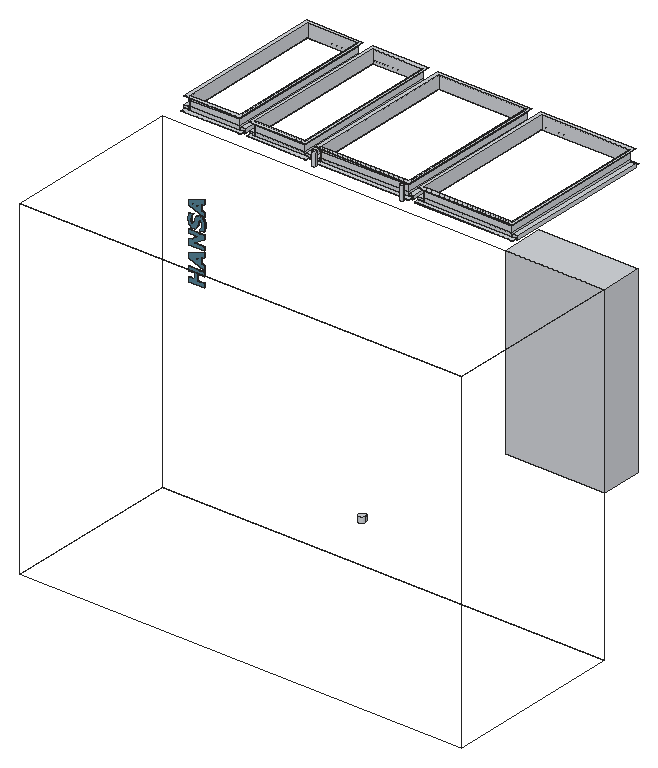
Revit family "KL-P-034-iK-L", category HLS-Bauteile, Revit 2020
Family settings
  Bemaßung runder Anschluss = Durchmesser verwenden
  Klassifizierung = Keine
  Teiletyp = Normal
  Arbeitsebenenbasiert = Nein
  Immer vertikal = Ja
  Beim Laden mit Abzugskörper schneiden = Nein
  Gemeinsam genutzt = Nein
  Raumberechnungspunkt = Nein
Parameters
  Zuluftbreite [instance] = 530 mm  # constant formula
  Vorgabe-Ansicht = 0 mm
  TyS [instance] = size_lookup("TyS_Hansa_KL_P", "", "ND", RLT_Serie, Gehaeuserichtung, Gehaeuseausfuehrung, RLT_MSR_KZ)  # "KL-P-034-iK-L-eCS"
  Schaltschrankbreite [instance] = 600 mm
  Schaltschrank_montiert [instance] = yes
  SSaG [instance] = and(or(Regelung SAIA, Regelung OJ), Schaltschrank_montiert)  # yes
  Regelung SAIA [instance] = yes
  Regelung OJ [instance] = no
  RLT_Volumenstrom_max = 3400 m³/h  # constant formula
  RLT_Volumenstrom_Unit_2 [instance] = 3400 m³/h
  RLT_Volumenstrom_Unit_1 [instance] = 3400 m³/h
  RLT_Typenschlüssel [instance] = TyS  # "KL-P-034-iK-L-eCS"
  RLT_Serie = "KL-P-034-iK"  # constant formula
  RLT_Material_außen [instance] = Stahlblech verzinkt + RAL 9002
  RLT_MSR_KZ [instance] = if(Regelung SAIA, "eCS", if(Regelung OJ, "eCO", "-"))  # "eCS"
  RLT_Länge [instance] = L  # 2070 mm
  RLT_Höhe = H  # 1890 mm
  RLT_Gewicht [instance] = size_lookup("TD_Hansa_KL_P", "Gewicht", 0 mm, TyS) / 1 mm * 1.00 kg  # 0.00 kg
  RLT_Breite = B  # 1080 mm
  Modell = "KL-P-034-iK-L"  # constant formula
  L2 = 1295 mm  # constant formula
  L1 = 775 mm  # constant formula
  L = L1 + L2  # 2070 mm
  Kanaltiefe [instance] = RLT_Breite - 190 mm  # 890 mm
  Hersteller = "Hansa"  # constant formula
  H = 1890 mm  # constant formula
  GeräteOK [instance] = H + Fuß  # 2010 mm
  Gehaeuserichtung [instance] = "L"  # constant formula
  Gehaeuseausfuehrung [instance] = "ungeteilt"  # constant formula
  GD_Spannung [instance] = 230 V
  GD_Phasen [instance] = 1
  GD_Nennstrom [instance] = 0 A
  GD_Anschlussleistung [instance] = 0 W
  Fuß [instance] = 120 mm  # constant formula
  Fortluftbreite = 300 mm  # constant formula
  Bedienzone [instance] = yes
  Baugruppe [instance] = "RLT-Gerät"  # constant formula
  BZl [instance] = if(and(or(Regelung SAIA, Regelung OJ), Schaltschrank_montiert), L + Schaltschrankbreite, L)  # 2670 mm
  B = 1080 mm  # constant formula
  Außenluftbreite = 300 mm  # constant formula
  Abluftbreite [instance] = 530 mm  # constant formula
Reference planes
  plane 1 "Mitte (Vorne/hinten)": y = 0
  plane 2: z = 0
  plane 3 "Mitte (Links/rechts)": x = 0
  plane 4: x = -1035
  plane 5: x = 1035
  plane 6 "GV": y = -540
  plane 7 "GH": y = 540
  plane 8 "OKG": z = 2010
  plane 9: y = 477.5
  plane 10: y = -312.5
  plane 11: x = -972.5
  plane 12: x = 972.5
  plane 13: x = -672.5
  plane 14: x = -577.5
  plane 15: x = -277.5
  plane 16: x = 442.5
  plane 17: x = 347.5
  plane 18: x = -182.5
  plane 19: z = 2090
  plane 20 "UKG": z = 120
  plane 21: y = -290
  plane 22: y = -330
  plane 23: z = 90
  plane 24: y = -464
  plane 25: x = -260
  plane 26: y = -1620
  plane 27: x = 1635
Forms (mm)
  Extrusion 1, solid, visible <- "SSaG"
    sketch origin (-256.559, 0, -70) x (1, 0, 0) y (0, 0, 1)
      loop
        line (1291.559, 2080) -> (1291.559, 980) -> (1891.559, 980) -> (1891.559, 2080) -> (1291.559, 2080)
    from 540 to 290
  Extrusion 2, solid
    sketch origin (0, 0, 0) x (1, 0, 0) y (0, 1, 0)
      loop
        circle (0, -330) r 20
    from 120 to 90
  Extrusion 3, solid
    sketch origin (0, 0, 0) x (1, 0, 0) y (0, 1, 0)
      loop
        circle (-182.5, -464) r 10
      loop
        circle (347.5, -464) r 10
    from 2090 to 2010
  Extrusion 4, solid, material "Glas - klar", visible <- "Bedienzone"
    sketch origin (0, 0, 0) x (1, 0, 0) y (0, 1, 0)
      loop
        line (-1035, -540) -> (-1035, -1620) -> (1635, -1620) -> (1635, -540) -> (-1035, -540)
    from 2010 to 0
Dimensions and locks
  equal spacing: plane 4, plane 3 "Mitte (Links/rechts)", plane 5
  "L": plane 4 to plane 5
  "B": plane 7 "GH" to plane 6 "GV"
  locked: plane 7 "GH" to plane 9 at 62.5
  locked: plane 4 to plane 11 at 62.5
  locked: plane 12 to plane 5 at 62.5
  "Fortluftbreite": plane 11 to plane 13
  locked: plane 13 to plane 14 at 95
  "Außenluftbreite": plane 14 to plane 15
  "Abluftbreite": plane 16 to plane 12
  locked: plane 17 to plane 16 at 95
  "Zuluftbreite": plane 18 to plane 17
  plane 15 to plane 18 = 95 mm
  locked: nested 3 to plane 16 at 95
  "Fuß": plane 20 "UKG" to level
  plane 19 to plane 8 "OKG" = 80 mm
  locked: plane 4 to nested 1 at 62.5
  locked: plane 13 to nested 2 at 95
  locked: nested 4 to plane 5 at 62.5
  Extrusion 1 to plane 5 = 600 mm
  "RLT_Höhe": plane 8 "OKG" to plane 20 "UKG"
  equal spacing: plane 7 "GH", plane 1 "Mitte (Vorne/hinten)", plane 6 "GV"
  locked: plane 6 "GV" to plane 21 at 250
  locked: plane 6 "GV" to plane 22 at 210
  plane 20 "UKG" to plane 23 = 30 mm
  locked: plane 24 to plane 6 "GV" at 76
  "L1": plane 4 to plane 25
  "B": plane 26 to plane 6 "GV"
  "BZl": Extrusion 4 to Extrusion 4
  "Schaltschrankbreite": plane 5 to plane 27
  aligned and locked: level to plane 2
  aligned and locked: Extrusion 1 to plane 8 "OKG"
  aligned and locked: plane 6 "GV" to Extrusion 1
  aligned and locked: Extrusion 1 to plane 21
  aligned and locked: plane 20 "UKG" to Extrusion 2
  aligned and locked: Extrusion 2 to plane 23
  aligned and locked: Extrusion 3 to plane 8 "OKG"
  aligned and locked: plane 19 to Extrusion 3
  aligned and locked: plane 4 to Extrusion 4
  aligned and locked: Extrusion 4 to plane 6 "GV"
  aligned and locked: Extrusion 4 to plane 26
  aligned and locked: plane 8 "OKG" to Extrusion 4
  aligned and locked: plane 27 to Extrusion 1
  aligned and locked: plane 7 "GH" to nested 6
  aligned and locked: plane 4 to nested 6
Automatic sketch dimensions
  Extrusion 1 sketch curve to plane 5 = 0 mm
  Extrusion 1 sketch curve to plane 8 "OKG" = 0 mm
  plane 5 to Extrusion 1 sketch curve = 600 mm
  plane 20 "UKG" to Extrusion 1 sketch curve = 790 mm
  Extrusion 2 sketch curve to plane 3 "Mitte (Links/rechts)" = 0 mm
  Extrusion 2 sketch curve to plane 22 = 0 mm
  Extrusion 3 sketch curve to plane 18 = 0 mm
  Extrusion 3 sketch curve to plane 17 = 0 mm
  Extrusion 3 sketch curve to plane 24 = 0 mm  (x2)
  Extrusion 4 sketch curve to plane 4 = 0 mm
  plane 5 to Extrusion 4 sketch curve = 600 mm
  Extrusion 4 sketch curve to plane 26 = 0 mm
  plane 6 "GV" to Extrusion 4 sketch curve = 0 mm
  radius of Extrusion 2 sketch curve = 20 mm
  radius of Extrusion 3 sketch curve = 10 mm  (x2)
Nested families
  nested 1: "Kanalstutzen" at (-822.5, 29.209, 2010) x (1, 0, 0) z (0, -1, 0), 2570_EST_Breite <- "Fortluftbreite", 2571_EST_Höhe <- "Kanaltiefe", built-in parameter 1001360 <- "GeräteOK", type "Kanalstutzen"
    with Tiefe 80 mm, RahmenG2 20 mm, RahmenG1 30 mm, Höhe 890 mm, Breite 300 mm, 2572_EST_Tiefe 80 mm, 2571_EST_Höhe 890 mm, 2570_EST_Breite 300 mm, 1966_EST_Rahmentyp ""
  nested 2: "Kanalstutzen" at (-427.5, 29.209, 2010) x (1, 0, 0) z (0, -1, 0), 2570_EST_Breite <- "Außenluftbreite", 2571_EST_Höhe <- "Kanaltiefe", built-in parameter 1001360 <- "GeräteOK", type "Kanalstutzen"
    with Tiefe 80 mm, RahmenG2 20 mm, RahmenG1 30 mm, Höhe 890 mm, Breite 300 mm, 2572_EST_Tiefe 80 mm, 2571_EST_Höhe 890 mm, 2570_EST_Breite 300 mm, 1966_EST_Rahmentyp ""
  nested 3: "Kanalstutzen" at (82.5, 29.209, 2010) x (1, 0, 0) z (0, -1, 0), 2570_EST_Breite <- "Zuluftbreite", 2571_EST_Höhe <- "Kanaltiefe", built-in parameter 1001360 <- "GeräteOK", type "Kanalstutzen"
    with Tiefe 80 mm, RahmenG2 20 mm, RahmenG1 30 mm, Höhe 890 mm, Breite 530 mm, 2572_EST_Tiefe 80 mm, 2571_EST_Höhe 890 mm, 2570_EST_Breite 530 mm, 1966_EST_Rahmentyp ""
  nested 4: "Kanalstutzen" at (707.5, 29.209, 2010) x (1, 0, 0) z (0, -1, 0), 2570_EST_Breite <- "Abluftbreite", 2571_EST_Höhe <- "Kanaltiefe", built-in parameter 1001360 <- "GeräteOK", type "Kanalstutzen"
    with Tiefe 80 mm, RahmenG2 20 mm, RahmenG1 30 mm, Höhe 890 mm, Breite 530 mm, 2572_EST_Tiefe 80 mm, 2571_EST_Höhe 890 mm, 2570_EST_Breite 530 mm, 1966_EST_Rahmentyp ""
  nested 5: "Hansa_Aufkleber_klein" at (-780, -540, 1390) x (0, 0, 1) z (0, -1, 0), type "Hansa_Aufkleber_klein"
  nested 6: "P-034-L_ipt" at (0, 0, 0), type "Norm"
Connectors
  hvac at (-822.5, 29.209, 2089), driven by "RLT_Volumenstrom_Unit_2", driven by "Fortluftbreite", driven by "Kanaltiefe"
    settings: on nested 1, index 1, duct flow 3400 m³/h, flow factor 0, pres drop 0.0 Pa, loss coef 0, conn angle 0.00°, conn width 300 mm, conn height 890 mm, conn diameter 609.6 mm, duct sys type 3, conn prof type 1, flow config 1, flow direction 2, loss method 0, conn ref index -1, conn util no, is conn primary yes, conn desc ""
  hvac at (-427.5, 29.209, 2089), driven by "RLT_Volumenstrom_Unit_1", driven by "Außenluftbreite", driven by "Kanaltiefe"
    settings: on nested 2, index 2, duct flow 3400 m³/h, flow factor 0, pres drop 0.0 Pa, loss coef 0, conn angle 0.00°, conn width 300 mm, conn height 890 mm, conn diameter 609.6 mm, duct sys type 1, conn prof type 1, flow config 1, flow direction 1, loss method 0, conn ref index -1, conn util no, is conn primary no, conn desc ""
  hvac at (82.5, 29.209, 2089), driven by "RLT_Volumenstrom_Unit_1", driven by "Zuluftbreite", driven by "Kanaltiefe"
    settings: on nested 3, index 3, duct flow 3400 m³/h, flow factor 0, pres drop 0.0 Pa, loss coef 0, conn angle 0.00°, conn width 530 mm, conn height 890 mm, conn diameter 609.6 mm, duct sys type 1, conn prof type 1, flow config 0, flow direction 2, loss method 0, conn ref index -1, conn util no, is conn primary no, conn desc ""
  hvac at (707.5, 29.209, 2089), driven by "RLT_Volumenstrom_Unit_2", driven by "Abluftbreite", driven by "Kanaltiefe"
    settings: on nested 4, index 4, duct flow 3400 m³/h, flow factor 0, pres drop 0.0 Pa, loss coef 0, conn angle 0.00°, conn width 530 mm, conn height 890 mm, conn diameter 609.6 mm, duct sys type 2, conn prof type 1, flow config 0, flow direction 1, loss method 0, conn ref index -1, conn util no, is conn primary no, conn desc ""
  piping at (0, -330, 90), diameter 40
    settings: on Extrusion 2, index 5, connector inside diameter 609.6 mm, connector length 0 mm, flow factor 0, pipe flow 0.0 L/s, pressure drop 0.0 Pa, fitting loss kfactor 0, connector angle 0.00°, fixture units 0, engagement length 0 mm, angle of deflection 0.00°, flow configuration 0, flow direction 2, fitting loss method 0, system type 16, joint type 0, gender type 0, connector reference index -1, connector utility 0, adjustable connector no, is connector primary yes, connector description ""
  piping at (-182.5, -464, 2090), diameter 20
    settings: on Extrusion 3, index 6, connector inside diameter 609.6 mm, connector length 0 mm, flow factor 0, pipe flow 0.0 L/s, pressure drop 0.0 Pa, fitting loss kfactor 0, connector angle 0.00°, fixture units 0, engagement length 0 mm, angle of deflection 0.00°, flow configuration 0, flow direction 1, fitting loss method 0, system type 7, joint type 0, gender type 0, connector reference index -1, connector utility 0, adjustable connector no, is connector primary no, connector description ""
  piping at (347.5, -464, 2090), diameter 20
    settings: on Extrusion 3, index 7, connector inside diameter 609.6 mm, connector length 0 mm, flow factor 0, pipe flow 0.0 L/s, pressure drop 0.0 Pa, fitting loss kfactor 0, connector angle 0.00°, fixture units 0, engagement length 0 mm, angle of deflection 0.00°, flow configuration 0, flow direction 2, fitting loss method 0, system type 19, joint type 0, gender type 0, connector reference index -1, connector utility 0, adjustable connector no, is connector primary no, connector description ""
Definition of nested family "Kanalstutzen"
  Parameters (values of type "Kanalstutzen")
    Default Elevation = 0 mm
    Tiefe [instance] = [2572_EST_Tiefe]  # 80 mm
    RahmenG2 [instance] = 20 mm
    RahmenG1 [instance] = 30 mm
    Höhe [instance] = [2571_EST_Höhe]  # 500 mm
    Manufacturer = "Hansa"
    Breite [instance] = [2570_EST_Breite]  # 1000 mm
    Description = "Durchbruchsverkleidung"
    2572_EST_Tiefe [instance] = 80 mm
    2571_EST_Höhe [instance] = 500 mm
    2570_EST_Breite [instance] = 1000 mm
    1966_EST_Rahmentyp [instance] = ""
  Reference planes
    plane 1 "Mitte (Vorne/hinten)": y = 0
    plane 2: z = 0
    plane 3 "Mitte (Links/rechts)": x = 0
    plane 4: x = -500
    plane 5: x = 500
    plane 6 "hinten": y = 80
    plane 7: z = 250
    plane 8: z = -250
    plane 9 "R1links": x = -530
    plane 10 "R1rechts": x = 530
    plane 11 "R2links": x = -520
    plane 12 "R2rechts": x = 520
    plane 13 "R1oben": z = 280
    plane 14 "R1unten": z = -280
    plane 15: z = -270
    plane 16: z = 270
  Forms (mm)
    Sweep 1, solid
      path origin (0, 0, 0) x (1, 0, 0) y (0, 0, 1)
        loop
          line (-500, 250) -> (-500, -250) -> (500, -250) -> (500, 250) -> (-500, 250)
      profile origin (0, 0, 250) x (0, 0, 1) y (0, -1, 0)
        loop
          line (0, -40) -> (0, -80) -> (20, -80) -> (20, -79) -> (1.999, -79) -> (1.999, -59) -> (0.962, -59) -> (0.962, -21.406) -> (1.999, -21.406) -> (1.999, -1.406) -> (30, -1.406) -> (30, 0) -> (0, 0) -> (0, -40)
  Dimensions and locks
    equal spacing: plane 4, plane 3 "Mitte (Links/rechts)", plane 5
    "Breite": plane 4 to plane 5
    equal spacing: plane 7, level, plane 8
    "Höhe": plane 7 to plane 8
    "RahmenG1": plane 9 "R1links" to plane 4
    "RahmenG1": plane 5 to plane 10 "R1rechts"
    "RahmenG2": plane 11 "R2links" to plane 4
    "RahmenG2": plane 5 to plane 12 "R2rechts"
    "RahmenG1": plane 13 "R1oben" to plane 7
    "RahmenG1": plane 8 to plane 14 "R1unten"
    "RahmenG2": plane 16 to plane 7
    "RahmenG2": plane 8 to plane 15
    Sweep 1 sketch curve to Sweep 1 sketch curve = 1.406 mm
    Sweep 1 sketch curve to Sweep 1 sketch curve = 1 mm
    Sweep 1 sketch curve to Sweep 1 sketch curve = 0.962 mm
    "2572_EST_Tiefe": plane 6 "hinten" to plane 1 "Mitte (Vorne/hinten)"
    aligned and locked: level to plane 2
    aligned and locked: plane 16 to Sweep 1 sketch curve
    aligned and locked: plane 13 "R1oben" to Sweep 1 sketch curve
    aligned and locked: plane 1 "Mitte (Vorne/hinten)" to Sweep 1
    aligned and locked: plane 1 "Mitte (Vorne/hinten)" to nested 1
    aligned and locked: nested 1 to plane 10 "R1rechts"
    aligned and locked: nested 2 to plane 9 "R1links"
    aligned and locked: plane 8 to nested 2
    aligned and locked: nested 1 to plane 8
  Automatic sketch dimensions
    plane 4 to Sweep 1 sketch curve = 0 mm
    plane 5 to Sweep 1 sketch curve = 0 mm
    Sweep 1 sketch curve to plane 8 = 0 mm
    Sweep 1 sketch curve to plane 7 = 0 mm
    Sweep 1 sketch curve to plane 1 "Mitte (Vorne/hinten)" = 0 mm
    profile plane to Sweep 1 sketch curve = 0 mm
    Sweep 1 sketch curve to profile plane = 1.999 mm  (x2)
    Sweep 1 sketch curve to Sweep 1 sketch curve = 20 mm  (x2)
    Sweep 1 sketch curve to Sweep 1 sketch curve = 18.594 mm
    Sweep 1 sketch curve to Sweep 1 sketch curve = 19 mm
  Nested families
    nested 1: "EGJK30" at (520, 0, -250), L <- "Höhe", type "EGJK30"
      with L 500 mm
    nested 2: "EGJK30" at (-520, 0, -250) x (-1, 0, 0) z (0, 0, 1), L <- "Höhe", type "EGJK30"
      with L 500 mm
  Definition of nested family "EGJK30"
    Parameters (values of type "EGJK30")
      Default Elevation = 0 mm
      L [instance] = 1000 mm
    Reference planes
      plane 1 "Mitte (Vorne/hinten)": y = 0
      plane 2: z = 0
      plane 3 "Mitte (Links/rechts)": x = 0
    Forms (mm)
      Extrusion 1, solid
        sketch origin (16.67, -35.46, 0) x (1, 0, 0) y (0, 1, 0)
          loop
            line (-26.67, 25.46) -> (-6.67, 25.46) -> (-6.67, 30.46) -> (-1.67, 30.46) -> (-1.67, 50.46) -> (-34.67, 50.46) -> (-34.67, 38.46) -> (-5.67, 38.46) -> (-5.67, 35.46) -> (-25.67, 35.46) -> (-25.67, 36.96) -> (-34.67, 36.96) -> (-34.67, 33.96) -> (-26.67, 25.46)
        from 0 to 1000
    Dimensions and locks
      "L": Extrusion 1 to Extrusion 1
      aligned and locked: level to plane 2
    Automatic sketch dimensions
      plane 1 "Mitte (Vorne/hinten)" to Extrusion 1 sketch curve = 0 mm
      Extrusion 1 sketch curve to plane 3 "Mitte (Links/rechts)" = 18 mm
      plane 1 "Mitte (Vorne/hinten)" to Extrusion 1 sketch curve = 1.5 mm
      Extrusion 1 sketch curve to Extrusion 1 sketch curve = 0 mm
      Extrusion 1 sketch curve to plane 3 "Mitte (Links/rechts)" = 10 mm
      Extrusion 1 sketch curve to plane 3 "Mitte (Links/rechts)" = 9 mm
      plane 1 "Mitte (Vorne/hinten)" to Extrusion 1 sketch curve = 5 mm
      plane 3 "Mitte (Links/rechts)" to Extrusion 1 sketch curve = 10 mm
      Extrusion 1 sketch curve to Extrusion 1 sketch curve = 1 mm
      Extrusion 1 sketch curve to Extrusion 1 sketch curve = 5 mm
      plane 1 "Mitte (Vorne/hinten)" to Extrusion 1 sketch curve = 10 mm
      Extrusion 1 sketch curve to plane 1 "Mitte (Vorne/hinten)" = 1.5 mm
      Extrusion 1 sketch curve to Extrusion 1 sketch curve = 1.5 mm
      Extrusion 1 sketch curve to Extrusion 1 sketch curve = 12 mm
Definition of nested family "Hansa_Aufkleber_klein"
  Parameters (values of type "Hansa_Aufkleber_klein")
    Default Elevation = 1219.2 mm
  Reference planes
    plane 1 "Mitte (Vorne/hinten)": y = 0
    plane 2: z = 0
    plane 3 "Mitte (Links/rechts)": x = 0
  Forms (mm)
    Extrusion 1, solid, detail levels medium+fine
      sketch origin (6.994, -10.767, 0) x (1, 0, 0) y (0, 1, 0)
        loop
          line (-226.694, 10.767) -> (-201.573, 10.767) -> (-201.573, 55.095) -> (-167.456, 55.095) -> (-167.456, 10.767) -> (-142.335, 10.767) -> (-142.335, 110.767) -> (-167.456, 110.767) -> (-167.456, 74.138) -> (-201.573, 74.138) -> (-201.573, 110.767) -> (-226.694, 110.767) -> (-226.694, 10.767)
        loop
          line (202.074, 82.404) -> (191.782, 49.341) -> (212.284, 49.341) -> (202.074, 82.404)
        loop
          line (188.703, 110.767) -> (154.91, 10.767) -> (180.032, 10.767) -> (186.353, 31.189) -> (217.795, 31.189) -> (224.035, 10.767) -> (249.886, 10.767) -> (216.093, 110.767) -> (188.703, 110.767)
        loop
          line (34.084, 10.767) -> (58.233, 10.767) -> (58.233, 110.767) -> (35.299, 110.767) -> (35.299, 53.474) -> (3.37, 110.767) -> (-27.424, 110.767) -> (-27.424, 10.767) -> (-4.49, 10.767) -> (-4.49, 80.459) -> (34.084, 10.767)
        loop
          line (-85.203, 82.404) -> (-95.495, 49.341) -> (-74.993, 49.341) -> (-85.203, 82.404)
        loop
          line (-98.575, 110.767) -> (-132.367, 10.767) -> (-107.245, 10.767) -> (-100.925, 31.189) -> (-69.482, 31.189) -> (-63.242, 10.767) -> (-37.391, 10.767) -> (-71.184, 110.767) -> (-98.575, 110.767)
        loop
          line (73.143, 16.683) -> (80.903, 13.695) -> (89.27, 11.213) -> (93.783, 10.238) -> (98.65, 9.542) -> (103.872, 9.124) -> (109.448, 8.984) -> (114.303, 9.126) -> (118.902, 9.552) -> (123.243, 10.261) -> (127.327, 11.253) -> (131.154, 12.53) -> (134.724, 14.09) -> (138.037, 15.933) -> (141.093, 18.061) -> (143.838, 20.421) -> (146.216, 22.963) -> (148.229, 25.688) -> (149.876, 28.595) -> (151.156, 31.685) -> (152.071, 34.957) -> (152.62, 38.411) -> (152.803, 42.048) -> (152.724, 44.578) -> (152.487, 46.981) -> (152.091, 49.257) -> (151.537, 51.407) -> (150.825, 53.431) -> (149.954, 55.328) -> (148.925, 57.098) -> (147.738, 58.741) -> (144.874, 61.745) -> (141.346, 64.434) -> (137.155, 66.81) -> (132.301, 68.871) -> (127.124, 70.542) -> (122.293, 71.829) -> (112.609, 74.057) -> (109.035, 74.977) -> (106.095, 75.952) -> (103.788, 76.982) -> (102.114, 78.069) -> (100.927, 79.287) -> (100.078, 80.713) -> (99.569, 82.346) -> (99.4, 84.187) -> (99.506, 85.453) -> (99.825, 86.659) -> (100.357, 87.803) -> (101.101, 88.887) -> (102.965, 90.731) -> (105.153, 92.048) -> (107.99, 93.142) -> (110.664, 93.83) -> (113.439, 94.195) -> (116.579, 94.317) -> (120.768, 94.112) -> (124.906, 93.496) -> (128.993, 92.471) -> (133.03, 91.035) -> (136.889, 89.3) -> (140.445, 87.378) -> (143.697, 85.268) -> (146.644, 82.971) -> (148.832, 82.971) -> (148.832, 105.824) -> (145.231, 107.285) -> (141.397, 108.589) -> (137.33, 109.737) -> (133.03, 110.727) -> (128.608, 111.524) -> (124.177, 112.094) -> (119.735, 112.436) -> (115.283, 112.55) -> (110.919, 112.414) -> (106.741, 112.006) -> (102.749, 111.325) -> (98.944, 110.372) -> (95.324, 109.147) -> (91.891, 107.65) -> (88.644, 105.88) -> (85.583, 103.839) -> (82.8, 101.578) -> (80.389, 99.151) -> (78.348, 96.559) -> (76.679, 93.8) -> (75.38, 90.876) -> (74.453, 87.786) -> (73.896, 84.53) -> (73.711, 81.108) -> (74.025, 76.136) -> (74.967, 71.596) -> (76.537, 67.486) -> (78.735, 63.806) -> (80.094, 62.119) -> (81.657, 60.522) -> (83.426, 59.014) -> (85.4, 57.597) -> (87.58, 56.269) -> (89.964, 55.031) -> (92.553, 53.884) -> (95.348, 52.826) -> (100.625, 51.195) -> (106.247, 49.868) -> (111.869, 48.642) -> (117.147, 47.315) -> (119.104, 46.707) -> (120.925, 45.937) -> (122.609, 45.006) -> (124.156, 43.912) -> (125.451, 42.645) -> (126.375, 41.197) -> (126.929, 39.566) -> (127.114, 37.753) -> (127, 36.17) -> (126.658, 34.744) -> (126.089, 33.475) -> (125.291, 32.364) -> (123.275, 30.53) -> (120.874, 29.163) -> (118.413, 28.312) -> (115.242, 27.704) -> (112.052, 27.339) -> (109.529, 27.218) -> (105.242, 27.433) -> (100.889, 28.079) -> (96.47, 29.155) -> (91.985, 30.662) -> (87.561, 32.569) -> (83.324, 34.845) -> (79.274, 37.492) -> (75.413, 40.508) -> (73.143, 40.508) -> (73.143, 16.683)
      from 0 to 2
  Dimensions and locks
    aligned and locked: level to plane 2
Definition of nested family "P-034-L_ipt"
  Parameters (values of type "Norm")
    Default Elevation = 0 mm
  Reference planes
    plane 1 "Mitte (Vorne/Hinten)": y = 0
    plane 2: z = 0
    plane 3 "Mitte (Links/Rechts)": x = 0
  Dimensions and locks
    aligned and locked: level to plane 2
